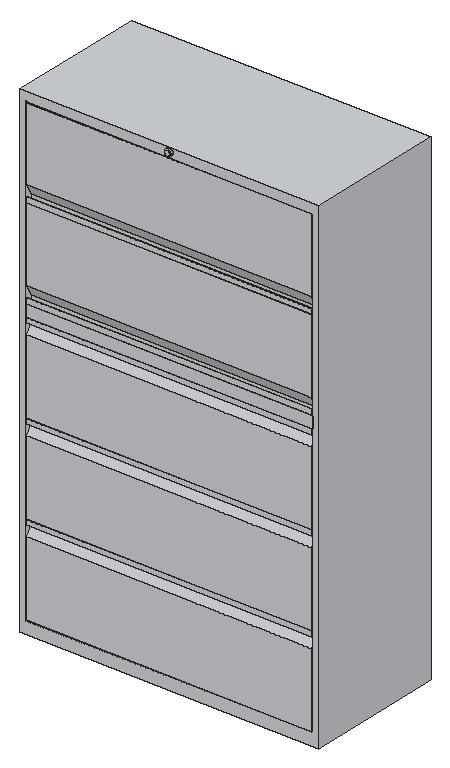
Revit family "BISLEY_SystemFile_Combination_Units", category Furniture, Revit 2018
Family settings
  OmniClass Number = 23.40.20.00
  OmniClass Title = General Furniture and Specialties
  Work Plane-Based = No
  Always vertical = Yes
  Cut with Voids When Loaded = No
  Shared = No
  Room Calculation Point = No
Parameters (values of type "SYC10/50/2/3")
  feet dim = 65 mm  # constant formula
  Width = 1000 mm
  Warranty = "10 Years"  # constant formula
  Uniclass2015Version = "V1.1"  # constant formula
  Uniclass2015Title = "Shelves and Storage Units"  # constant formula
  Uniclass 2015 Code = "PR_40_30_57"  # constant formula
  URL = "www.bisley.com"
  Training Requirements for Operational Use = "N/A"  # constant formula
  Top Flipper height = 301 mm
  Top Flipper = yes
  TieBar Height = 2 mm + Number of drawers * 301.8 mm + Number of drawers * 2 mm  # 913.4 mm
  Tambour width = 5
  Tambour = no
  Routine Maintenance = "We recommend you clean your unit with warm water and a mild detergent solution. A damp cloth can be used to remove dust particles."  # constant formula
  Range = "SystemFile"  # constant formula
  Product Information = "Combination Unit"  # constant formula
  Number of drawers = 3
  Model Reference = "SYC10/50/2/3"
  Model = ""
  Material = "Steel"  # constant formula
  Manufacturer = "BISLEY"
  Height = 1643 mm
  Finish = "Powder Coated"  # constant formula
  Drawer width2 = -(Width / 2 - 23 mm)  # -477 mm
  Drawer width1 = Width / 2 - 23 mm  # 477 mm
  Doors = no
  Description = "2 x 304.8mm flippers, lateral rails, 3 drawers and counterbalance"
  Depth = 470 mm
  Compliance Standards Certification = "We recommend you clean your unit with warm water and a mild detergent solution. A damp cloth can be used to remove dust particles."  # constant formula
  Category = "Furniture"  # constant formula
  Bottom Flipper = yes
  Author = "Bisley"  # constant formula
Types (17, lengths in mm): name | Width | Top Flipper height | Top Flipper | TieBar Height | Tambour width | Tambour | Number of drawers | Model Reference | Height | Drawer width2 | Drawer width1 | Doors | Description | Bottom Flipper
  (no name) | 1000 | 301 | yes | 913.4 | 5 | no | 3 | "SYC10/50/2/3" | 1643 | -477 | 477 | no | "2 x 304.8mm flippers, lateral rails, 3 drawers and counterbalance" | yes
  SYC08/34/1/2 | 800 | 414 | yes | 609.6 | 5 | no | 2 | "SYC08/34/1/2" | 1149 | -377 | 377 | no | "1 x 419.1mm flipper, 2 drawers and counterbalance" | no
  SYC08/43/1/3 | 800 | 377 | yes | 913.4 | 5 | no | 3 | "SYC08/43/1/3" | 1415 | -377 | 377 | no | "1 x 381mm flipper, 3 drawers and counterbalance" | no
  SYC08/50/2/3 | 800 | 301 | yes | 913.4 | 5 | no | 3 | "SYC08/50/2/3" | 1643 | -377 | 377 | no | "2 x 304.8mm flippers, lateral rails, 3 drawers and counterbalance" | yes
  SYC08/2/3 | 800 | 377 | yes | 913.4 | 5 | no | 3 | "SYC08/2/3" | 1795 | -377 | 377 | no | "2 x 381mm flippers, shelf and 3 drawers" | yes
  SYC08/2/4 | 800 | 301 | yes | 1217.2 | 5 | no | 4 | "SYC08/2/4" | 1947 | -377 | 377 | no | "2 x 304.8 flippers, lateral rails and 4 drawers" | yes
  SYC08/30D/3 | 800 | 150 | no | 913.4 | 5 | no | 3 | "SYC08/30D/3" | 1795 | -377 | 377 | yes | "762mm doors, 1 adjustable shelf and 3 drawers" | no
  SYC08/30T/3 | 800 | 414.397 | no | 913.4 | 24 | yes | 3 | "SYC08/30T/3" | 1795 | -377 | 377 | no | "762mm tambour, 1 adjustable shelf and 3 drawers" | no
  SYC08/36D/3 | 800 | 414.397 | no | 913.4 | 5 | no | 3 | "" | 1947 | -377 | 377 | yes | "914.4mm doors, 1 adjustable shelf and 3 drawers" | no
  SYC10/34/1/2 | 1000 | 414.397 | yes | 609.6 | 5 | no | 2 | "SYC10/34/1/2" | 1149 | -477 | 477 | no | "1 x 419.1mm flipper, 2 drawers and counterbalance" | no
  SYC10/43/1/3 | 1000 | 377 | yes | 913.4 | 5 | no | 3 | "SYC10/43/1/3" | 1415 | -477 | 477 | no | "1 x 381mm flipper, 3 drawers and counterbalance" | no
  SYC10/50/2/3 | 1000 | 301 | yes | 913.4 | 5 | no | 3 | "SYC10/50/2/3" | 1643 | -477 | 477 | no | "2 x 304.8mm flippers, lateral rails, 3 drawers and counterbalance" | yes
  SYC10/2/3 | 1000 | 377 | yes | 913.4 | 5 | no | 3 | "SYC10/2/3" | 1795 | -477 | 477 | no | "2 x 381mm flippers, shelf and 3 drawers" | yes
  SYC10/2/4 | 1000 | 301 | yes | 1217.2 | 5 | no | 4 | "SYC10/2/4" | 1947 | -477 | 477 | no | "2 x 304.8 flippers, lateral rails and 4 drawers" | yes
  SYC10/30D/3 | 1000 | 414.397 | no | 913.4 | 5 | no | 3 | "SYC10/30D/3" | 1795 | -477 | 477 | yes | "762mm doors, 1 adjustable shelf and 3 drawers" | no
  SYC10/30T/3 | 1000 | 414.397 | no | 913.4 | 31 | yes | 3 | "SYC10/30T/3" | 1795 | -477 | 477 | no | "762mm tambour, 1 adjustable shelf and 3 drawers" | no
  SYC10/36D/3 | 1000 | 414.397 | no | 913.4 | 5 | no | 3 | "SYC10/36D/3" | 1947 | -477 | 477 | yes | "914.4mm doors, 1 adjustable shelf and 3 drawers" | no
Reference planes
  plane 1 "Center (Front/Back)": y = 0
  plane 2: z = 7
  plane 3 "Center (Left/Right)": x = 0
  plane 4: x = -500
  plane 5: x = 500
  plane 6: y = 235
  plane 7: y = -235
  plane 8: z = 1650
  plane 9: z = 20
  plane 10: z = 1620
  plane 11: z = 60
  plane 12: x = -480
  plane 13: x = 480
  plane 14: y = 230
  plane 15: y = -215
  plane 16: z = 62
  plane 17: x = 415
  plane 18: x = -415
  plane 19: y = -190
  plane 20: y = 190
  plane 21: z = 973.4
  plane 22: z = 1618
  plane 23: z = 709.603
  plane 24: x = 478
Forms (mm)
  Extrusion 1, solid
    sketch origin (0, 0, 7) x (1, 0, 0) y (0, 1, 0)
      loop
        line (-500, 235) -> (-500, -235) -> (500, -235) -> (500, 235) -> (-500, 235)
    from 13 to 1643
  Extrusion 2, void
    sketch origin (0, 0, 0) x (1, 0, 0) y (0, 0, 1)
      loop
        line (-480, 1620) -> (-480, 60) -> (480, 60) -> (480, 1620) -> (-480, 1620)
    from -230 to 235
  Extrusion 3, solid
    sketch origin (0, 0, -11) x (0, 0, -1) y (0, -1, 0)
      loop
        line (-375, 215) -> (-73.486, 215) -> (-73.486, 235) -> (-323.022, 235) -> (-358, 216.402) -> (-373.358, 216.402) -> (-373.358, 233.251) -> (-358, 233.251) -> (-358, 235) -> (-375, 235) -> (-375, 215)
    from -477 <- "Drawer width2" to 477 <- "Drawer width1"
  Extrusion 4, solid
    sketch origin (0, 0, 292.486) x (0, 0, -1) y (0, -1, 0)
      loop
        line (-375, 215) -> (-73.486, 215) -> (-73.486, 235) -> (-323.022, 235) -> (-358, 216.402) -> (-373.358, 216.402) -> (-373.358, 233.251) -> (-358, 233.251) -> (-358, 235) -> (-375, 235) -> (-375, 215)
    from -477 <- "Drawer width2" to 477 <- "Drawer width1"
  Extrusion 5, solid, not visible
    sketch origin (0, 0, -11) x (0, 0, -1) y (0, -1, 0)
      loop
        line (-375, 215) -> (-73.486, 215) -> (-73.486, 235) -> (-323.022, 235) -> (-358, 216.402) -> (-373.358, 216.402) -> (-373.358, 233.251) -> (-358, 233.251) -> (-358, 235) -> (-375, 235) -> (-375, 215)
    from -477 <- "Drawer width2" to 477 <- "Drawer width1"
  Extrusion 6, solid
    sketch origin (-0.031, 9.324, 1.065) x (1, 0, 0) y (0, 0, 1)
      loop
        circle (0, 1634.202) r 12
    from 244.324 to 250
  Extrusion 7, solid
    sketch origin (-0.031, 9.324, 1.065) x (1, 0, 0) y (0, 0, 1)
      loop
        circle (-0.041, 1634.074) r 7.706
    from 244.324 to 251.657
  Extrusion 8, solid
    sketch origin (0, 0, 7) x (1, 0, 0) y (0, 1, 0)
      loop
        circle (415, 190) r 25
      loop
        circle (415, -190) r 25
      loop
        circle (-415, -190) r 25
      loop
        circle (-415, 190) r 25
    from 0 to 9
  Extrusion 9, solid
    sketch origin (0, 0, 7) x (1, 0, 0) y (0, 1, 0)
      loop
        circle (-415, 190) r 10
      loop
        circle (415, 190) r 10
      loop
        circle (415, -190) r 10
      loop
        circle (-415, -190) r 10
    from 9 to 13
  Extrusion 10, solid
    sketch origin (0, 0, -36.653) x (0, 1, 0) y (0, 0, 1)
      loop
        line (230, 1010.053) -> (230, 1048.056) -> (-235, 1048.056) -> (-235, 1010.053) -> (230, 1010.053)
    from -480 to 480
  Extrusion 11, solid, visible <- "Top Flipper"
    sketch origin (0, 0, 1730.603) x (0, 0, 1) y (0, -1, 0)
      loop
        line (-413.603, 215) -> (-112.603, 215) -> (-112.603, 235) -> (-361.625, 235) -> (-396.603, 216.402) -> (-411.961, 216.402) -> (-411.961, 233.251) -> (-396.603, 233.251) -> (-396.603, 235) -> (-413.603, 235) -> (-413.603, 215)
    from -477 <- "Drawer width2" to 477 <- "Drawer width1"
  Extrusion 12, solid, visible <- "Bottom Flipper"
    sketch origin (0, 0, 1427.603) x (0, 0, 1) y (0, -1, 0)
      loop
        line (-413.603, 215) -> (-112.603, 215) -> (-112.603, 235) -> (-361.625, 235) -> (-396.603, 216.402) -> (-411.961, 216.402) -> (-411.961, 233.251) -> (-396.603, 233.251) -> (-396.603, 235) -> (-413.603, 235) -> (-413.603, 215)
    from -477 <- "Drawer width2" to 477 <- "Drawer width1"
  Extrusion 13, solid, visible <- "Doors"
    sketch origin (1, 0, 7) x (1, 0, 0) y (0, 1, 0)
      loop
        line (477, -215) -> (0, -215) -> (0, -235) -> (17, -235) -> (17, -233.6) -> (1.587, -233.6) -> (1.587, -216.848) -> (16.987, -216.848) -> (52, -235) -> (477, -235) -> (477, -215)
    from 1006.355 to 1611
  Extrusion 14, solid, visible <- "Doors"
    sketch origin (0, 0, 7) x (1, 0, 0) y (0, 1, 0)
      loop
        line (-1, -235) -> (-1, -215) -> (-477, -215) -> (-477, -235) -> (-1, -235)
    from 1006.355 to 1611
  Extrusion 15, solid, visible <- "Doors"
    sketch origin (70.747, 9.324, -394.525) x (1, 0, 0) y (0, 0, 1)
      loop
        circle (-5.747, 1634.202) r 12
    from 244.324 to 250
  Extrusion 16, solid, visible <- "Doors"
    sketch origin (70.747, 9.324, -394.396) x (1, 0, 0) y (0, 0, 1)
      loop
        circle (-5.747, 1634.074) r 7.706
    from 244.324 to 251.657
  Extrusion 17, solid, visible <- "Tambour"
    sketch origin (-114.483, -137.686, 988.355) x (1, 0, 0) y (0, 1, 0)
      loop
        line (-364.891, -77.42) -> (-364.891, -88.413)
        arc (-364.891, -88.413) -> (-347.106, -88.948) -> (-329.322, -88.413) r 295.901
        line (-329.322, -88.413) -> (-329.322, -77.42) -> (-364.891, -77.42)
    from 25 to 781.645
  Extrusion 18, solid, visible <- "Tambour"
    sketch origin (-106.595, -6.015, 1013.355) x (1, 0, 0) y (0, 1, 0)
      loop
        line (-307.442, -220.343) -> (-306.502, -218.714) -> (-313.555, -214.133) -> (-334.916, -214.133) -> (-335.853, -217.63) -> (-337.087, -219.737)
        arc (-337.087, -219.737) -> (-337.103, -220.129) -> (-336.786, -220.36) r 0.417
        arc (-336.786, -220.36) -> (-322.113, -221.403) -> (-307.442, -220.343) r 102.932
    from 0 to 756.645
  Extrusion 19, solid, visible <- "Tambour"
    sketch origin (-4.308, -215.937, 875.355) x (1, 0, 0) y (0, 0, 1)
      loop
        circle (-457.536, 512) r 12.707
    from 0 to 12.484
  Extrusion 20, solid, visible <- "Tambour"
    sketch origin (-3.784, -215.937, 875.355) x (1, 0, 0) y (0, 0, 1)
      loop
        circle (-457.889, 512) r 8.648
    from 0 to 14.49
  Extrusion 21, void
    sketch origin (0.128, -1.178, 875.355) x (1, 0, 0) y (0, 0, 1)
      loop
        arc (-470.815, 536.987) -> (-457.082, 536.766) -> (-450.815, 548.987) r 13
        line (-450.815, 548.987) -> (-450.815, 653.987)
        arc (-450.815, 653.987) -> (-457.082, 666.209) -> (-470.815, 665.987) r 13
        line (-470.815, 665.987) -> (-470.815, 536.987)
    from 217.254 to 225.895
  Extrusion 22, solid, visible <- "Tambour"
    sketch origin (0.128, -1.178, 875.355) x (1, 0, 0) y (0, 0, 1)
      loop
        line (-470.815, 665.987) -> (-470.815, 536.987)
        arc (-470.815, 536.987) -> (-457.082, 536.766) -> (-450.816, 548.987) r 12.999
        line (-450.816, 548.987) -> (-450.816, 653.987)
        arc (-450.816, 653.987) -> (-457.082, 666.209) -> (-470.815, 665.987) r 12.999
      loop
        line (-474.315, 667.752) -> (-474.315, 535.222)
        arc (-474.315, 535.222) -> (-456.217, 533.243) -> (-447.316, 549.124) r 16.499
        line (-447.316, 549.124) -> (-447.316, 653.851)
        arc (-447.316, 653.851) -> (-456.217, 669.731) -> (-474.315, 667.752) r 16.499
    from 224.585 to 226.585
  Extrusion 23, solid, visible <- "Tambour"
    sketch origin (-76.352, -6.015, 1013.355) x (1, 0, 0) y (0, 1, 0)
      loop
        line (-307.442, -220.343) -> (-306.502, -218.714) -> (-313.555, -214.133) -> (-334.916, -214.133) -> (-335.853, -217.63) -> (-337.087, -219.737)
        arc (-337.087, -219.737) -> (-337.103, -220.129) -> (-336.786, -220.36) r 0.417
        arc (-336.786, -220.36) -> (-322.113, -221.403) -> (-307.442, -220.343) r 102.932
    from 0 to 756.645
  Extrusion 24, solid, visible <- "Tambour"
    sketch origin (-46.108, -6.015, 1013.355) x (1, 0, 0) y (0, 1, 0)
      loop
        line (-307.442, -220.343) -> (-306.502, -218.714) -> (-313.555, -214.133) -> (-334.916, -214.133) -> (-335.853, -217.63) -> (-337.087, -219.737)
        arc (-337.087, -219.737) -> (-337.103, -220.129) -> (-336.786, -220.36) r 0.417
        arc (-336.786, -220.36) -> (-322.113, -221.403) -> (-307.442, -220.343) r 102.932
    from 0 to 756.645
  Extrusion 25, solid, visible <- "Tambour"
    sketch origin (-15.864, -6.015, 1013.355) x (1, 0, 0) y (0, 1, 0)
      loop
        line (-307.442, -220.343) -> (-306.502, -218.714) -> (-313.555, -214.133) -> (-334.916, -214.133) -> (-335.853, -217.63) -> (-337.087, -219.737)
        arc (-337.087, -219.737) -> (-337.103, -220.129) -> (-336.786, -220.36) r 0.417
        arc (-336.786, -220.36) -> (-322.113, -221.403) -> (-307.442, -220.343) r 102.932
    from 0 to 756.645
  Extrusion 26, solid, visible <- "Tambour"
    sketch origin (14.379, -6.015, 1013.355) x (1, 0, 0) y (0, 1, 0)
      loop
        line (-307.442, -220.343) -> (-306.502, -218.714) -> (-313.555, -214.133) -> (-334.916, -214.133) -> (-335.853, -217.63) -> (-337.087, -219.737)
        arc (-337.087, -219.737) -> (-337.103, -220.129) -> (-336.786, -220.36) r 0.417
        arc (-336.786, -220.36) -> (-322.113, -221.403) -> (-307.442, -220.343) r 102.932
    from 0 to 756.645
  Extrusion 27, solid
    sketch origin (0, 0, 595.973) x (0, 0, -1) y (0, -1, 0)
      loop
        line (-375, 215) -> (-73.486, 215) -> (-73.486, 235) -> (-323.022, 235) -> (-358, 216.402) -> (-373.358, 216.402) -> (-373.358, 233.251) -> (-358, 233.251) -> (-358, 235) -> (-375, 235) -> (-375, 215)
    from -477 <- "Drawer width2" to 477 <- "Drawer width1"
Cuts and joins
  Extrusion 2 cuts Extrusion 1
  joined: Extrusion 15, Extrusion 16
  Extrusion 21 cuts Extrusion 4
  Extrusion 21 cuts Extrusion 17
Dimensions and locks
  equal spacing: plane 4, plane 3 "Center (Left/Right)", plane 5
  equal spacing: plane 6, plane 1 "Center (Front/Back)", plane 7
  "Width": plane 4 to plane 5
  "Depth": plane 6 to plane 7
  locked: plane 9 to level at 13
  locked: plane 11 to plane 9 at 40
  locked: plane 8 to plane 10 at 30
  locked: plane 12 to plane 4 at 20
  locked: plane 5 to plane 13 at 20
  "Height": plane 8 to level
  locked: plane 14 to plane 6 at 5
  locked: plane 15 to cut or joined group of Extrusion 1, Extrusion 2 at 20
  equal spacing: group 1, group 2, group 9  (x3)
  plane 19 to plane 7 = 45 mm
  plane 6 to plane 20 = 45 mm
  "TieBar Height": plane 21 to plane 11
  locked: Extrusion 10 to Extrusion 10 at 38.003
  locked: plane 10 to plane 22 at 2
  "Top Flipper height": Extrusion 11 to Extrusion 11
  "Top Flipper height": Extrusion 12 to Extrusion 12
  locked: Extrusion 11 to Extrusion 12 at 2
  locked: plane 13 to plane 24 at 2
  locked: Extrusion 13 to Extrusion 10 at 1.953
  equal spacing: group 4, group 5, group 6, group 7, group 8  (x3)
  locked: cut or joined group of Extrusion 17, Extrusion 21 to cut or joined group of Extrusion 17, Extrusion 21 at 35.569
  locked: Extrusion 18 to cut or joined group of Extrusion 17, Extrusion 21 at 1.357
  locked: cut or joined group of Extrusion 17, Extrusion 21 to Extrusion 18 at 0.066
  locked: Extrusion 18 to Extrusion 23 at 30.244
  "feet dim": plane 12 to plane 18
  "feet dim": plane 17 to plane 13
  aligned and locked: level to plane 2
  aligned and locked: Extrusion 1 sketch curve to plane 6
  aligned and locked: plane 4 to Extrusion 1 sketch curve
  aligned and locked: plane 7 to Extrusion 1 sketch curve
  aligned and locked: Extrusion 1 sketch curve to plane 5
  aligned and locked: Extrusion 1 to plane 9
  aligned and locked: plane 8 to Extrusion 1
  aligned and locked: Extrusion 2 sketch curve to plane 10
  aligned and locked: plane 12 to Extrusion 2 sketch curve
  aligned and locked: Extrusion 2 sketch curve to plane 11
  aligned and locked: Extrusion 2 sketch curve to plane 13
  aligned and locked: Extrusion 2 to plane 7
  aligned and locked: Extrusion 2 to plane 14
  aligned and locked: Extrusion 10 to plane 12
  aligned and locked: plane 13 to Extrusion 10
  aligned and locked: Extrusion 10 to plane 21
  aligned and locked: plane 22 to Extrusion 11
  aligned and locked: plane 22 to Extrusion 13
  aligned and locked: plane 24 to Extrusion 13
  aligned and locked: Extrusion 14 to Extrusion 13
  aligned and locked: plane 22 to Extrusion 14
  aligned and locked: Extrusion 14 to Extrusion 12
  aligned and locked: plane 13 to cut or joined group of Extrusion 1, Extrusion 2
  aligned and locked: cut or joined group of Extrusion 1, Extrusion 2 to plane 12
Automatic sketch dimensions
  Extrusion 3 sketch curve to Extrusion 3 sketch curve = 1.642 mm
  Extrusion 3 sketch curve to Extrusion 3 sketch curve = 15.358 mm  (x2)
  Extrusion 3 sketch curve to Extrusion 3 sketch curve = 34.978 mm
  Extrusion 3 sketch curve to Extrusion 3 sketch curve = 249.536 mm
  Extrusion 3 sketch curve to Extrusion 3 sketch curve = 1.402 mm
  Extrusion 3 sketch curve to Extrusion 3 sketch curve = 16.849 mm
  Extrusion 3 sketch curve to Extrusion 3 sketch curve = 1.749 mm
  Extrusion 3 sketch curve to Extrusion 3 sketch curve = 0 mm
  Extrusion 4 sketch curve to Extrusion 4 sketch curve = 1.642 mm
  Extrusion 4 sketch curve to Extrusion 4 sketch curve = 15.358 mm  (x2)
  Extrusion 4 sketch curve to Extrusion 4 sketch curve = 34.978 mm
  Extrusion 4 sketch curve to Extrusion 4 sketch curve = 249.536 mm
  Extrusion 4 sketch curve to Extrusion 4 sketch curve = 1.402 mm
  Extrusion 4 sketch curve to Extrusion 4 sketch curve = 16.849 mm
  Extrusion 4 sketch curve to Extrusion 4 sketch curve = 1.749 mm
  Extrusion 4 sketch curve to Extrusion 4 sketch curve = 0 mm
  Extrusion 5 sketch curve to Extrusion 5 sketch curve = 1.642 mm
  Extrusion 5 sketch curve to Extrusion 5 sketch curve = 15.358 mm  (x2)
  Extrusion 5 sketch curve to Extrusion 5 sketch curve = 34.978 mm
  Extrusion 5 sketch curve to Extrusion 5 sketch curve = 249.536 mm
  Extrusion 5 sketch curve to Extrusion 5 sketch curve = 1.402 mm
  Extrusion 5 sketch curve to Extrusion 5 sketch curve = 16.849 mm
  Extrusion 5 sketch curve to Extrusion 5 sketch curve = 1.749 mm
  Extrusion 5 sketch curve to Extrusion 5 sketch curve = 0 mm
  Extrusion 8 sketch curve to plane 18 = 0 mm  (x2)
  Extrusion 8 sketch curve to plane 17 = 0 mm  (x2)
  Extrusion 8 sketch curve to plane 19 = 0 mm  (x2)
  Extrusion 8 sketch curve to plane 20 = 0 mm  (x2)
  Extrusion 9 sketch curve to plane 18 = 0 mm  (x2)
  Extrusion 9 sketch curve to plane 17 = 0 mm  (x2)
  Extrusion 9 sketch curve to plane 19 = 0 mm  (x2)
  Extrusion 9 sketch curve to plane 20 = 0 mm  (x2)
  Extrusion 6 sketch curve to plane 3 "Center (Left/Right)" = 0.031 mm
  Extrusion 6 sketch curve to plane 8 = 14.733 mm
  Extrusion 7 sketch curve to plane 3 "Center (Left/Right)" = 0.073 mm
  Extrusion 7 sketch curve to plane 8 = 14.861 mm
  Extrusion 10 sketch curve to plane 7 = 0 mm
  Extrusion 10 sketch curve to plane 14 = 0 mm
  Extrusion 10 sketch curve to plane 21 = 0 mm
  Extrusion 10 sketch curve to Extrusion 10 sketch curve = 38.003 mm
  Extrusion 11 sketch curve to plane 15 = 0 mm
  Extrusion 11 sketch curve to plane 7 = 0 mm  (x2)
  Extrusion 11 sketch curve to plane 22 = 0 mm
  Extrusion 11 sketch curve to plane 22 = 249.022 mm
  Extrusion 11 sketch curve to Extrusion 11 sketch curve = 34.978 mm
  Extrusion 11 sketch curve to plane 15 = 1.402 mm
  Extrusion 11 sketch curve to Extrusion 11 sketch curve = 0 mm
  Extrusion 11 sketch curve to Extrusion 11 sketch curve = 15.358 mm
  Extrusion 11 sketch curve to Extrusion 11 sketch curve = 1.642 mm
  plane 7 to Extrusion 11 sketch curve = 1.749 mm
  Extrusion 12 sketch curve to plane 15 = 0 mm
  Extrusion 12 sketch curve to plane 7 = 0 mm  (x2)
  Extrusion 12 sketch curve to plane 22 = 604 mm
  Extrusion 12 sketch curve to Extrusion 12 sketch curve = 1.642 mm
  plane 7 to Extrusion 12 sketch curve = 1.749 mm
  Extrusion 12 sketch curve to Extrusion 12 sketch curve = 15.358 mm  (x2)
  Extrusion 12 sketch curve to plane 15 = 1.402 mm
  Extrusion 12 sketch curve to Extrusion 12 sketch curve = 34.978 mm
  Extrusion 12 sketch curve to Extrusion 12 sketch curve = 249.022 mm
  Extrusion 13 sketch curve to plane 15 = 0 mm
  Extrusion 13 sketch curve to plane 7 = 0 mm  (x2)
  Extrusion 13 sketch curve to plane 24 = 0 mm
  plane 3 "Center (Left/Right)" to Extrusion 13 sketch curve = 53 mm
  plane 7 to Extrusion 13 sketch curve = 1.4 mm
  plane 3 "Center (Left/Right)" to Extrusion 13 sketch curve = 18 mm
  Extrusion 13 sketch curve to plane 15 = 1.848 mm
  Extrusion 13 sketch curve to Extrusion 13 sketch curve = 0.013 mm
  plane 3 "Center (Left/Right)" to Extrusion 13 sketch curve = 2.587 mm
  plane 3 "Center (Left/Right)" to Extrusion 13 sketch curve = 1 mm
  Extrusion 14 sketch curve to plane 7 = 0 mm
  Extrusion 14 sketch curve to plane 15 = 0 mm
  plane 12 to Extrusion 14 sketch curve = 3 mm
  Extrusion 14 sketch curve to plane 3 "Center (Left/Right)" = 1 mm
  plane 3 "Center (Left/Right)" to Extrusion 15 sketch curve = 65 mm
  Extrusion 15 sketch curve to plane 22 = 378.322 mm
  plane 3 "Center (Left/Right)" to Extrusion 16 sketch curve = 65 mm
  Extrusion 16 sketch curve to plane 22 = 378.322 mm
  Extrusion 17 sketch curve to plane 15 = 0.106 mm
  plane 12 to Extrusion 17 sketch curve = 0.626 mm
  plane 12 to Extrusion 17 sketch curve = 18.41 mm
  plane 7 to Extrusion 17 sketch curve = 8.901 mm
  Extrusion 17 sketch curve to plane 18 = 28.805 mm
  Extrusion 17 sketch curve to plane 1 "Center (Front/Back)" = 69.267 mm
  Extrusion 18 sketch curve to Extrusion 18 sketch curve = 0.36 mm
  Extrusion 18 sketch curve to Extrusion 18 sketch curve = 1.234 mm
  Extrusion 18 sketch curve to Extrusion 18 sketch curve = 0.937 mm
  Extrusion 18 sketch curve to Extrusion 18 sketch curve = 0.94 mm
  Extrusion 18 sketch curve to Extrusion 18 sketch curve = 0.211 mm
  Extrusion 18 sketch curve to Extrusion 18 sketch curve = 1.629 mm
  plane 12 to Extrusion 19 sketch curve = 18.156 mm
  plane 23 to Extrusion 19 sketch curve = 677.753 mm
  plane 12 to Extrusion 20 sketch curve = 18.327 mm
  plane 23 to Extrusion 20 sketch curve = 677.752 mm
  plane 12 to Extrusion 21 sketch curve = 9.313 mm
  Extrusion 21 sketch curve to Extrusion 21 sketch curve = 7.044 mm  (x2)
  Extrusion 21 sketch curve to Extrusion 21 sketch curve = 12.956 mm
  plane 23 to Extrusion 21 sketch curve = 702.74 mm
  Extrusion 21 sketch curve to Extrusion 21 sketch curve = 10.926 mm
  plane 23 to Extrusion 21 sketch curve = 819.74 mm
  Extrusion 21 sketch curve to Extrusion 21 sketch curve = 1.074 mm
  Extrusion 22 sketch curve to Extrusion 22 sketch curve = 0 mm  (x4)
  plane 12 to Extrusion 22 sketch curve = 5.813 mm
  Extrusion 22 sketch curve to Extrusion 22 sketch curve = 3.5 mm  (x2)
  Extrusion 22 sketch curve to Extrusion 22 sketch curve = 7.044 mm  (x2)
  Extrusion 22 sketch curve to Extrusion 22 sketch curve = 12.954 mm
  plane 23 to Extrusion 22 sketch curve = 700.975 mm
  Extrusion 22 sketch curve to Extrusion 22 sketch curve = 1.765 mm
  Extrusion 22 sketch curve to Extrusion 22 sketch curve = 10.925 mm
  plane 23 to Extrusion 22 sketch curve = 819.603 mm
  Extrusion 22 sketch curve to Extrusion 22 sketch curve = 0.136 mm
  Extrusion 22 sketch curve to Extrusion 22 sketch curve = 1.075 mm
  Extrusion 18 sketch curve to Extrusion 18 sketch curve = 12.741 mm
  Extrusion 18 sketch curve to Extrusion 18 sketch curve = 21.361 mm
  Extrusion 18 sketch curve to Extrusion 18 sketch curve = 6.113 mm
  Extrusion 18 sketch curve to Extrusion 18 sketch curve = 0.395 mm
  Extrusion 18 sketch curve to Extrusion 18 sketch curve = 2.107 mm
  Extrusion 18 sketch curve to Extrusion 18 sketch curve = 3.497 mm
  Extrusion 18 sketch curve to Extrusion 18 sketch curve = 95.662 mm
  Extrusion 23 sketch curve to Extrusion 23 sketch curve = 0.36 mm
  Extrusion 23 sketch curve to Extrusion 23 sketch curve = 1.234 mm
  Extrusion 23 sketch curve to Extrusion 23 sketch curve = 0.937 mm
  Extrusion 23 sketch curve to Extrusion 23 sketch curve = 0.94 mm
  Extrusion 23 sketch curve to Extrusion 23 sketch curve = 0.211 mm
  Extrusion 23 sketch curve to Extrusion 23 sketch curve = 1.629 mm
  Extrusion 23 sketch curve to Extrusion 23 sketch curve = 12.741 mm
  Extrusion 23 sketch curve to Extrusion 23 sketch curve = 21.361 mm
  Extrusion 23 sketch curve to Extrusion 23 sketch curve = 6.113 mm
  Extrusion 23 sketch curve to Extrusion 23 sketch curve = 0.395 mm
  Extrusion 23 sketch curve to Extrusion 23 sketch curve = 2.107 mm
  Extrusion 23 sketch curve to Extrusion 23 sketch curve = 3.497 mm
  Extrusion 23 sketch curve to Extrusion 23 sketch curve = 95.662 mm
  Extrusion 24 sketch curve to Extrusion 24 sketch curve = 0.36 mm
  Extrusion 24 sketch curve to Extrusion 24 sketch curve = 1.234 mm
  Extrusion 24 sketch curve to Extrusion 24 sketch curve = 0.937 mm
  Extrusion 24 sketch curve to Extrusion 24 sketch curve = 0.94 mm
  Extrusion 24 sketch curve to Extrusion 24 sketch curve = 0.211 mm
  Extrusion 24 sketch curve to Extrusion 24 sketch curve = 1.629 mm
  Extrusion 24 sketch curve to Extrusion 24 sketch curve = 12.741 mm
  Extrusion 24 sketch curve to Extrusion 24 sketch curve = 21.361 mm
  Extrusion 24 sketch curve to Extrusion 24 sketch curve = 6.113 mm
  Extrusion 24 sketch curve to Extrusion 24 sketch curve = 0.395 mm
  Extrusion 24 sketch curve to Extrusion 24 sketch curve = 2.107 mm
  Extrusion 24 sketch curve to Extrusion 24 sketch curve = 3.497 mm
  Extrusion 24 sketch curve to Extrusion 24 sketch curve = 95.662 mm
  Extrusion 25 sketch curve to Extrusion 25 sketch curve = 0.36 mm
  Extrusion 25 sketch curve to Extrusion 25 sketch curve = 1.234 mm
  Extrusion 25 sketch curve to Extrusion 25 sketch curve = 0.937 mm
  Extrusion 25 sketch curve to Extrusion 25 sketch curve = 0.94 mm
  Extrusion 25 sketch curve to Extrusion 25 sketch curve = 0.211 mm
  Extrusion 25 sketch curve to Extrusion 25 sketch curve = 1.629 mm
  Extrusion 25 sketch curve to Extrusion 25 sketch curve = 12.741 mm
  Extrusion 25 sketch curve to Extrusion 25 sketch curve = 21.361 mm
  Extrusion 25 sketch curve to Extrusion 25 sketch curve = 6.113 mm
  Extrusion 25 sketch curve to Extrusion 25 sketch curve = 0.395 mm
  Extrusion 25 sketch curve to Extrusion 25 sketch curve = 2.107 mm
  Extrusion 25 sketch curve to Extrusion 25 sketch curve = 3.497 mm
  Extrusion 25 sketch curve to Extrusion 25 sketch curve = 95.662 mm
  Extrusion 26 sketch curve to Extrusion 26 sketch curve = 0.36 mm
  Extrusion 26 sketch curve to Extrusion 26 sketch curve = 1.234 mm
  Extrusion 26 sketch curve to Extrusion 26 sketch curve = 0.937 mm
  Extrusion 26 sketch curve to Extrusion 26 sketch curve = 0.94 mm
  Extrusion 26 sketch curve to Extrusion 26 sketch curve = 0.211 mm
  Extrusion 26 sketch curve to Extrusion 26 sketch curve = 1.629 mm
  Extrusion 26 sketch curve to Extrusion 26 sketch curve = 12.741 mm
  Extrusion 26 sketch curve to Extrusion 26 sketch curve = 21.361 mm
  Extrusion 26 sketch curve to Extrusion 26 sketch curve = 6.113 mm
  Extrusion 26 sketch curve to Extrusion 26 sketch curve = 0.395 mm
  Extrusion 26 sketch curve to Extrusion 26 sketch curve = 2.107 mm
  Extrusion 26 sketch curve to Extrusion 26 sketch curve = 3.497 mm
  Extrusion 26 sketch curve to Extrusion 26 sketch curve = 95.662 mm
  Extrusion 27 sketch curve to Extrusion 27 sketch curve = 1.642 mm
  Extrusion 27 sketch curve to Extrusion 27 sketch curve = 15.358 mm  (x2)
  Extrusion 27 sketch curve to Extrusion 27 sketch curve = 34.978 mm
  Extrusion 27 sketch curve to Extrusion 27 sketch curve = 249.536 mm
  Extrusion 27 sketch curve to Extrusion 27 sketch curve = 1.402 mm
  Extrusion 27 sketch curve to Extrusion 27 sketch curve = 16.849 mm
  Extrusion 27 sketch curve to Extrusion 27 sketch curve = 1.749 mm
  Extrusion 27 sketch curve to Extrusion 27 sketch curve = 0 mm
  radius of Extrusion 8 sketch curve = 25 mm  (x4)
  radius of Extrusion 9 sketch curve = 10 mm  (x4)
  radius of Extrusion 6 sketch curve = 12 mm
  radius of Extrusion 7 sketch curve = 7.706 mm
  radius of Extrusion 15 sketch curve = 12 mm
  radius of Extrusion 16 sketch curve = 7.706 mm
  radius of Extrusion 19 sketch curve = 12.707 mm
  radius of Extrusion 20 sketch curve = 8.648 mm
